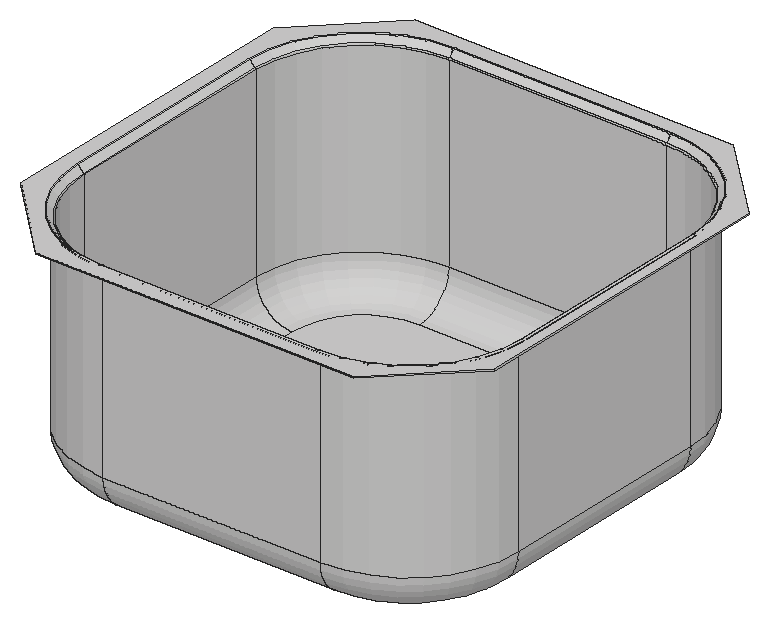
Revit family "Sink-Undermount-Kitchen-KOHLER-Undertone-K-3335_1", category Plumbing Fixtures, host Face, Revit 2017
Family settings
  Host = Face
  Round Connector Dimension = Use Diameter
  Part Type = Normal
  OmniClass Number = 23.31.13.00
  OmniClass Title = Sinks
  Cut with Voids When Loaded = No
  Shared = No
  Room Calculation Point = No
Parameters (values of type "NA-Stainless Steel")
  Width = 19 5/8"  # constant formula
  WaterSense Certified = 1 = 0  # no
  Waste Water Outlet = "Waste Water Outlet"  # constant formula
  Waste Connection = 1 = 1  # yes
  Vent Connection = 1 = 0  # no
  URL = "https://www.us.kohler.com/us/"
  Product Page URL = "http://www.us.kohler.com/us/catalog/productDetails.jsp?productId=3335"
  Product Name = "Undertone"  # constant formula
  Product Documentation Link = "https://www.us.kohler.com/webassets/kpna/catalog/pdf/en/K-3335_spec.pdf"
  Model = "K-3335-NA"  # constant formula
  Material = "Premium 18-Gauge Stainless Steel"  # constant formula
  MasterFormat 2004 = "22.41.16"  # constant formula
  MasterFormat 1995 = "15410"  # constant formula
  Manufacturer Address = "444 Highland Dr, Kohler, WI 53044"  # constant formula
  Manufacturer = "KOHLER Co."  # constant formula
  Length = 19 5/8"  # constant formula
  Hot Water Inlet = "Hot Water Inlet"  # constant formula
  Height = 9 3/4"  # constant formula
  HW Connection = 1 = 0  # no
  Finish = Kohler-Metal-NA-Stainless
  Environmental Product Declaration = ""
  Drain Included = 1 = 0  # no
  Description = "19-5/8 inch x 19-5/8 inch x 9-3/4 inch Undermount single-bowl extra-large kitchen sink sink"  # constant formula
  Default Elevation = 36"
  Declare Label = ""
  Date Modified = "06/01/2020"  # constant formula
  Date Created = "06/01/2020"  # constant formula
  Copyright = "Copyright KOHLER Co."  # constant formula
  Contact Us = "https://www.us.kohler.com/us/static/contact.jsp"
  Cold Water Inlet = "Cold Water Inlet"  # constant formula
  CW Connection = 1 = 0  # no
  Assembly Code = "D2010400"
  ADA Compliant = 1 = 0  # no
Reference planes (in)
  plane 1 "Center (Front/Back)": y = 0
  plane 2: z = 0
  plane 3 "Center (Left/Right)": x = 0
  plane 4: z = -1
  plane 5: z = -10.75
  plane 6: y = 9.8125
  plane 7: y = 3.4375
  plane 8: x = 9.75
  plane 9: x = -9.875
  plane 10: y = -9.8125
  plane 11: x = -9
  plane 12: y = 8.9375
  plane 13: x = 9
  plane 14: y = -8.9375
  plane 15: z = -12.89203
Forms (in)
  Extrusion 1, void
    sketch origin (0, 0, 0) x (1, 0, 0) y (0, 1, 0)
      loop
        line (-9, 4.4375) -> (-9, -4.4375)
        arc (-9, -4.4375) -> (-7.68198, -7.61948) -> (-4.5, -8.9375) r 4.5
        line (-4.5, -8.9375) -> (4.5, -8.9375)
        arc (4.5, -8.9375) -> (7.68198, -7.61948) -> (9, -4.4375) r 4.5
        line (9, -4.4375) -> (9, 4.4375)
        arc (9, 4.4375) -> (7.68198, 7.61948) -> (4.5, 8.9375) r 4.5
        line (4.5, 8.9375) -> (-4.5, 8.9375)
        arc (-4.5, 8.9375) -> (-7.68198, 7.61948) -> (-9, 4.4375) r 4.5
    from 0 to -1.49932
  Extrusion 2, void
    sketch origin (0, 0, 0) x (1, 0, 0) y (0, 1, 0)
      loop
        line (6.50625, 9.8125) -> (-6.63125, 9.8125) -> (-9.875, 6.56875) -> (-9.875, -6.56875) -> (-6.63125, -9.8125) -> (6.50625, -9.8125) -> (9.75, -6.56875) -> (9.75, 6.56875) -> (6.50625, 9.8125)
    from -1 to -13.15086
Dimensions and locks (in)
  host face to plane 4 = 1"
  locked: plane 2 to plane 4 at 1
  "Height": plane 4 to plane 5
  "Length": plane 9 to plane 8
  "Width": plane 6 to plane 10
  plane 9 to plane 3 "Center (Left/Right)" = 9 7/8"
  plane 7 to plane 6 = 6 3/8"
  plane 6 to plane 12 = 7/8"
  aligned and locked: plane 2 to host face
  aligned and locked: level to host face
Automatic sketch dimensions
  host sketch curve to host sketch curve = 96"  (x2)
  Extrusion 1 sketch curve to plane 11 = 0"
  Extrusion 1 sketch curve to plane 12 = 0"
  Extrusion 1 sketch curve to plane 10 = 7/8"
  Extrusion 1 sketch curve to plane 8 = 3/4"
  Extrusion 1 sketch curve to plane 3 "Center (Left/Right)" = 4 1/2"
  plane 1 "Center (Front/Back)" to Extrusion 1 sketch curve = 4 7/16"  (x2)
  Extrusion 1 sketch curve to plane 7 = 1"
  Extrusion 2 sketch curve to plane 9 = 0"
  plane 10 to Extrusion 2 sketch curve = 0"
  Extrusion 2 sketch curve to plane 6 = 0"
  Extrusion 2 sketch curve to plane 8 = 0"
  Extrusion 2 sketch curve to plane 11 = 2.36875"  (x2)
  Extrusion 2 sketch curve to plane 8 = 3.24375"  (x2)
  Extrusion 2 sketch curve to plane 10 = 3.24375"  (x2)
  Extrusion 2 sketch curve to plane 12 = 2.36875"  (x2)
Nested families (in)
  nested 1: "K-3335" at (0, 0, -1), type "K-3335"
Connectors (in)
  piping at (0, 3.4375, -12.80872), diameter 1.5, driven by "Waste Connection", driven by "Waste Water Outlet"
    settings: on nested 1, index 1, connector inside diameter 24", connector length 0", flow factor 0, pipe flow 0 GPM, pressure drop 0.00 psi, fitting loss kfactor 0, connector angle 0.00°, fixture units 0, engagement length 0", angle of deflection 0.00°, flow configuration 0, flow direction 2, fitting loss method 0, system type 16, joint type 0, gender type 0, connector reference index -1, connector utility 1, adjustable connector no, is connector primary yes, connector description "Waste Water Outlet"
Definition of nested family "K-3335"
  Parameters (values of type "K-3335")
    Material = none
  Reference planes (in)
    plane 1 "Center (Front/Back)": y = 0
    plane 2: z = 0
    plane 3 "Center (Left/Right)": x = 0
    plane 4: y = 9.8125
    plane 5: x = -9.875
    plane 6: y = 3.4375
    plane 7: x = -9
    plane 8: z = -9.75
    plane 9: y = -9.8125
    plane 10: y = 8.9375
    plane 11: y = -8.9375
    plane 12: x = 9
    plane 13: x = 9.75
    plane 14: z = -0.04221
    plane 15: z = -11.89203
  Forms (in)
    Extrusion 1, solid, material <- "Material", detail levels medium+fine
      sketch origin (0, 0, 0) x (1, 0, 0) y (0, 1, 0)
        loop
          line (-9.875, 6.56875) -> (-9.875, -6.56875) -> (-6.63125, -9.8125) -> (6.50625, -9.8125) -> (9.75, -6.56875) -> (9.75, 6.56875) -> (6.50625, 9.8125) -> (-6.63125, 9.8125) -> (-9.875, 6.56875)
        loop
          arc (4.5, -9.20941) -> (7.87425, -7.81175) -> (9.27191, -4.4375) r 4.77191
          line (9.27191, -4.4375) -> (9.27191, 4.4375)
          arc (9.27191, 4.4375) -> (7.87425, 7.81175) -> (4.5, 9.20941) r 4.77191
          line (4.5, 9.20941) -> (-4.5, 9.20941)
          arc (-4.5, 9.20941) -> (-7.87425, 7.81175) -> (-9.27191, 4.4375) r 4.77191
          line (-9.27191, 4.4375) -> (-9.27191, -4.4375)
          arc (-9.27191, -4.4375) -> (-7.87425, -7.81175) -> (-4.5, -9.20941) r 4.77191
          line (-4.5, -9.20941) -> (4.5, -9.20941)
      from -0.048 to 0
    Revolve 2, solid, material <- "Material", detail levels medium+fine
      sketch origin (7.56299, 3.4375, 0.85726) x (-1, 0, 0) y (0, 0, 1)
        loop
          line (7.56299, -12.66598) -> (8.31299, -12.66598) -> (8.31299, -12.74929) -> (8.43616, -12.74929)
          arc (8.43616, -12.74929) -> (8.46502, -12.74156) -> (8.48615, -12.72043) r 0.05772
          line (8.48615, -12.72043) -> (8.61394, -12.49909) -> (8.61394, -12.15529) -> (8.49848, -12.15529) -> (8.49848, -11.76939)
          arc (8.49848, -11.76939) -> (8.56564, -11.55551) -> (8.74299, -11.4184) r 0.37417
          line (8.74299, -11.4184) -> (9.00615, -11.32119)
          arc (9.00615, -11.32119) -> (9.11553, -11.23663) -> (9.15695, -11.10472) r 0.23077
          line (9.15695, -11.10472) -> (9.15695, -10.37288) -> (7.56299, -10.37288) -> (7.56299, -12.66598)
        axis (7.56299, -10.37288) -> (7.56299, -12.74929)
      angle from 0 to 360
    Revolve 3, void
      sketch origin (7.56299, 3.4375, 0.35726) x (-1, 0, 0) y (0, 0, 1)
        loop
          line (7.56299, -10.80716) -> (8.58699, -10.80716)
          arc (8.58699, -10.80716) -> (8.81568, -10.71243) -> (8.9104, -10.48374) r 0.32341
          line (8.9104, -10.48374) -> (8.9104, -10.1814)
          arc (8.9104, -10.1814) -> (9.01238, -9.93522) -> (9.25856, -9.83324) r 0.34816
          line (9.25856, -9.83324) -> (7.56299, -9.83324) -> (7.56299, -10.80716)
        axis (7.56299, -9.83324) -> (7.56299, -10.80716)
      angle from 0 to 360
    Revolve 4, solid, detail levels medium+fine
      sketch origin (7.4704, 3.4375, 0.44514) x (-1, 0, 0) y (0, 0, 1)
        loop
          line (7.4704, -10.52781) -> (8.58128, -10.52781)
          arc (8.58128, -10.52781) -> (8.65982, -10.49647) -> (8.69523, -10.41968) r 0.1141
          line (8.69523, -10.41968) -> (8.71186, -10.10232)
          arc (8.71186, -10.10232) -> (8.75557, -9.9789) -> (8.85944, -9.89919) r 0.23051
          line (8.85944, -9.89919) -> (9.42334, -9.68273)
          arc (9.42334, -9.68273) -> (9.43301, -9.66546) -> (9.4178, -9.65281) r 0.01547
          line (9.4178, -9.65281) -> (9.00767, -9.65281)
          arc (9.00767, -9.65281) -> (8.98838, -9.6608) -> (8.98039, -9.68008) r 0.02727
          line (8.98039, -9.68008) -> (8.98039, -9.71245)
          arc (8.98039, -9.71245) -> (8.95271, -9.74013) -> (8.92503, -9.71245) r 0.02768
          line (8.92503, -9.71245) -> (8.92503, -9.68015)
          arc (8.92503, -9.68015) -> (8.91702, -9.66082) -> (8.89768, -9.65281) r 0.02734
          line (8.89768, -9.65281) -> (8.85231, -9.65281)
          arc (8.85231, -9.65281) -> (8.74541, -9.69546) -> (8.69723, -9.79998) r 0.1553
          line (8.69723, -9.79998) -> (8.66535, -10.4082)
          arc (8.66535, -10.4082) -> (8.63601, -10.47184) -> (8.57093, -10.49781) r 0.09456
          line (8.57093, -10.49781) -> (7.7514, -10.49781) -> (7.7514, -10.34649)
          arc (7.7514, -10.34649) -> (7.74007, -10.31914) -> (7.71272, -10.30781) r 0.03868
          line (7.71272, -10.30781) -> (7.61937, -10.30781) -> (7.61937, -10.06281) -> (7.67106, -10.06281) -> (7.67106, -9.9782) -> (7.6284, -9.95281) -> (7.67106, -9.92893) -> (7.67106, -9.84781) -> (7.61503, -9.84781) -> (7.61503, -9.65281) -> (7.73038, -9.65281)
          arc (7.73038, -9.65281) -> (7.77966, -9.61154) -> (7.74769, -9.55578) r 0.05006
          arc (7.74769, -9.55578) -> (7.61123, -9.51878) -> (7.4704, -9.50632) r 0.80192
          line (7.4704, -9.50632) -> (7.4704, -10.52781)
        axis (7.4704, -9.50632) -> (7.4704, -10.52781)
      angle from 0 to 360
    Extrusion 5, void
      sketch origin (-8.06961, 3.35694, 1.05827) x (1, 0, 0) y (0, 1, 0)
        loop
          circle (8.06961, 0.70512) r 0.09525
        loop
          circle (8.06961, 1.03437) r 0.09525
        loop
          circle (8.38189, 0.62144) r 0.09525
        loop
          circle (8.61049, 0.39284) r 0.09525
        loop
          circle (8.69417, 0.08056) r 0.09525
        loop
          circle (8.36435, 0.98768) r 0.09525
        loop
          circle (8.63024, 0.85221) r 0.09525
        loop
          circle (8.84126, 0.64119) r 0.09525
        loop
          circle (8.97674, 0.3753) r 0.09525
        loop
          circle (9.02342, 0.08056) r 0.09525
        loop
          circle (7.75733, 0.62144) r 0.09525
        loop
          circle (7.52873, 0.39284) r 0.09525
        loop
          circle (7.44505, 0.08056) r 0.09525
        loop
          circle (7.77487, 0.98768) r 0.09525
        loop
          circle (7.50898, 0.85221) r 0.09525
        loop
          circle (7.29796, 0.64119) r 0.09525
        loop
          circle (7.16248, 0.3753) r 0.09525
        loop
          circle (7.1158, 0.08056) r 0.09525
        loop
          circle (8.06961, -0.544) r 0.09525
        loop
          circle (8.06961, -0.87325) r 0.09525
        loop
          circle (8.38189, -0.46033) r 0.09525
        loop
          circle (8.61049, -0.23172) r 0.09525
        loop
          circle (8.36435, -0.82657) r 0.09525
        loop
          circle (8.63024, -0.69109) r 0.09525
        loop
          circle (8.84126, -0.48008) r 0.09525
        loop
          circle (8.97674, -0.21419) r 0.09525
        loop
          circle (7.75733, -0.46033) r 0.09525
        loop
          circle (7.52873, -0.23172) r 0.09525
        loop
          circle (7.77487, -0.82657) r 0.09525
        loop
          circle (7.50898, -0.69109) r 0.09525
        loop
          circle (7.29796, -0.48008) r 0.09525
        loop
          circle (7.16248, -0.21419) r 0.09525
      from -11.21338 to -10.97665
    Extrusion 6, solid, material <- "Material", detail levels coarse
      sketch origin (0, 0, 0) x (1, 0, 0) y (0, 1, 0)
        loop
          line (6.50625, 9.8125) -> (-6.63125, 9.8125) -> (-9.875, 6.56875) -> (-9.875, -6.56875) -> (-6.63125, -9.8125) -> (6.50625, -9.8125) -> (9.75, -6.56875) -> (9.75, 6.56875) -> (6.50625, 9.8125)
        loop
          line (4.5, 8.73828) -> (-4.5, 8.73828)
          arc (-4.5, 8.73828) -> (-7.54111, 7.47861) -> (-8.80078, 4.4375) r 4.30078
          line (-8.80078, 4.4375) -> (-8.80078, -4.4375)
          arc (-8.80078, -4.4375) -> (-7.54111, -7.47861) -> (-4.5, -8.73828) r 4.30078
          line (-4.5, -8.73828) -> (4.5, -8.73828)
          arc (4.5, -8.73828) -> (7.54111, -7.47861) -> (8.80078, -4.4375) r 4.30078
          line (8.80078, -4.4375) -> (8.80078, 4.4375)
          arc (8.80078, 4.4375) -> (7.54111, 7.47861) -> (4.5, 8.73828) r 4.30078
      from -0.25828 to 0
    Extrusion 7, solid, material <- "Material", detail levels coarse
      sketch origin (0, 0, 0) x (1, 0, 0) y (0, 1, 0)
        loop
          line (4.5, 8.73828) -> (-4.5, 8.73828)
          arc (-4.5, 8.73828) -> (-7.54111, 7.47861) -> (-8.80078, 4.4375) r 4.30078
          line (-8.80078, 4.4375) -> (-8.80078, -4.4375)
          arc (-8.80078, -4.4375) -> (-7.54111, -7.47861) -> (-4.5, -8.73828) r 4.30078
          line (-4.5, -8.73828) -> (4.5, -8.73828)
          arc (4.5, -8.73828) -> (7.54111, -7.47861) -> (8.80078, -4.4375) r 4.30078
          line (8.80078, -4.4375) -> (8.80078, 4.4375)
          arc (8.80078, 4.4375) -> (7.54111, 7.47861) -> (4.5, 8.73828) r 4.30078
        loop
          line (4.75, 8.9375) -> (-4.5, 8.9375)
          arc (-4.5, 8.9375) -> (-7.68198, 7.61948) -> (-9, 4.4375) r 4.5
          line (-9, 4.4375) -> (-9, -4.9375)
          arc (-9, -4.9375) -> (-7.82843, -7.76593) -> (-5, -8.9375) r 4
          line (-5, -8.9375) -> (4.5, -8.9375)
          arc (4.5, -8.9375) -> (7.68198, -7.61948) -> (9, -4.4375) r 4.5
          line (9, -4.4375) -> (9, 4.6875)
          arc (9, 4.6875) -> (7.7552, 7.6927) -> (4.75, 8.9375) r 4.25
      from -0.25828 to -9.42767
    Extrusion 8, solid, material <- "Material", detail levels coarse
      sketch origin (0, 0, 0) x (1, 0, 0) y (0, 1, 0)
        loop
          arc (-4.5, 8.9375) -> (-7.68198, 7.61948) -> (-9, 4.4375) r 4.5
          line (-9, 4.4375) -> (-9, -4.9375)
          arc (-9, -4.9375) -> (-7.82843, -7.76593) -> (-5, -8.9375) r 4
          line (-5, -8.9375) -> (4.5, -8.9375)
          arc (4.5, -8.9375) -> (7.68198, -7.61948) -> (9, -4.4375) r 4.5
          line (9, -4.4375) -> (9, 4.6875)
          arc (9, 4.6875) -> (7.7552, 7.6927) -> (4.75, 8.9375) r 4.25
          line (4.75, 8.9375) -> (-4.5, 8.9375)
      from -9.51563 to -9.42767
    Sweep 9, solid, material <- "Material", detail levels medium+fine
      path origin (0, 0, 0) x (1, 0, 0) y (0, 1, 0)
        loop
          arc (-4.5, 8.9375) -> (-7.68198, 7.61948) -> (-9, 4.4375) r 4.5
          line (-9, 4.4375) -> (-9, -4.4375)
          arc (-9, -4.4375) -> (-7.68198, -7.61948) -> (-4.5, -8.9375) r 4.5
          line (-4.5, -8.9375) -> (4.5, -8.9375)
          arc (4.5, -8.9375) -> (7.68198, -7.61948) -> (9, -4.4375) r 4.5
          line (9, -4.4375) -> (9, 4.4375)
          arc (9, 4.4375) -> (7.68198, 7.61948) -> (4.5, 8.9375) r 4.5
          line (4.5, 8.9375) -> (-4.5, 8.9375)
      profile origin (0, 8.9375, 0) x (0, 1, 0) y (0, 0, 1)
        loop
          line (-0.06572, -0.3079) -> (-0.06572, -7.97598)
          arc (-0.06572, -7.97598) -> (-0.50506, -9.03664) -> (-1.56572, -9.47598) r 1.5
          line (-1.56572, -9.47598) -> (-1.72709, -9.47598) -> (-1.72709, -9.54198) -> (-1.52895, -9.54198)
          arc (-1.52895, -9.54198) -> (-0.4069, -9.07721) -> (0.05788, -7.95515) r 1.58683
          line (0.05788, -7.95515) -> (0.05788, -0.29624)
          arc (0.05788, -0.29624) -> (0.06416, -0.26463) -> (0.08206, -0.23784) r 0.08258
          line (0.08206, -0.23784) -> (0.31991, 0) -> (0.2254, 0)
          arc (0.2254, 0) -> (0.20661, -0.00374) -> (0.19069, -0.01438) r 0.04909
          line (0.19069, -0.01438) -> (-0.03948, -0.24454)
          arc (-0.03948, -0.24454) -> (-0.0589, -0.27361) -> (-0.06572, -0.3079) r 0.0896
    Extrusion 10, solid, material <- "Material", detail levels medium+fine
      sketch origin (0, 0, 0) x (1, 0, 0) y (0, 1, 0)
        loop
          arc (-4.5, 7.21041) -> (-6.46074, 6.39824) -> (-7.27291, 4.4375) r 2.77291
          line (-7.27291, 4.4375) -> (-7.27291, -4.4375)
          arc (-7.27291, -4.4375) -> (-6.46074, -6.39824) -> (-4.5, -7.21041) r 2.77291
          line (-4.5, -7.21041) -> (4.5, -7.21041)
          arc (4.5, -7.21041) -> (6.46074, -6.39824) -> (7.27291, -4.4375) r 2.77291
          line (7.27291, -4.4375) -> (7.27291, 4.4375)
          arc (7.27291, 4.4375) -> (6.46074, 6.39824) -> (4.5, 7.21041) r 2.77291
          line (4.5, 7.21041) -> (-4.5, 7.21041)
      from -9.54198 to -9.47598
    Revolve 11, solid, material <- "Material", detail levels coarse
      sketch origin (0, 3.4375, 0) x (1, 0, 0) y (0, 0, 1)
        loop
          line (0, -11.87777) -> (0, -9.50218) -> (-1.59323, -9.50218) -> (-1.59323, -11.87777) -> (0, -11.87777)
        axis (0, -11.87777) -> (0, -9.50218)
      angle from 0 to 360
  Cuts and joins
    Extrusion 5 cuts Revolve 4
    joined: Extrusion 6, Extrusion 7, Extrusion 8, Revolve 11
    Revolve 3 cuts Revolve 2
    Revolve 3 cuts Sweep 9
    Revolve 3 cuts Extrusion 10
    joined: Extrusion 1, Revolve 2, Sweep 9, Extrusion 10
  Lines and regions (in)
    Masking region 1
      outline origin (0, 0, 0) x (1, 0, 0) y (0, 1, 0)
        loop
          line (-6.63125, 9.8125) -> (-9.875, 6.56875) -> (-9.875, -6.56875) -> (-6.63125, -9.8125) -> (6.50625, -9.8125) -> (9.75, -6.56875) -> (9.75, 6.56875) -> (6.50625, 9.8125) -> (-6.63125, 9.8125)
    Masking region 2
      outline origin (0, 0, 0) x (1, 0, 0) y (0, 0, 1)
        loop
          line (-9.875, 0) -> (-9.875, -0.04221) -> (-9.21608, -0.04221) -> (-9, -0.25828) -> (-9, -8.20912)
          arc (-9, -8.20912) -> (-8.63683, -9.09005) -> (-7.75834, -9.45909) r 1.25
          line (-7.75834, -9.45909) -> (-1.95401, -9.49779) -> (-1.59396, -9.75) -> (-1.59396, -10.24193)
          arc (-1.59396, -10.24193) -> (-1.55138, -10.37797) -> (-1.43883, -10.46547) r 0.23863
          line (-1.43883, -10.46547) -> (-1.17695, -10.56328)
          arc (-1.17695, -10.56328) -> (-1.00177, -10.69947) -> (-0.93549, -10.91123) r 0.37143
          line (-0.93549, -10.91123) -> (-0.93549, -11.29803) -> (-1.05095, -11.29803) -> (-1.05095, -11.64183) -> (-0.92279, -11.86381)
          arc (-0.92279, -11.86381) -> (-0.90213, -11.88447) -> (-0.87391, -11.89203) r 0.05644
          line (-0.87391, -11.89203) -> (0, -11.89203) -> (0.87391, -11.89203)
          arc (0.87391, -11.89203) -> (0.90213, -11.88447) -> (0.92279, -11.86381) r 0.05644
          line (0.92279, -11.86381) -> (1.05095, -11.64183) -> (1.05095, -11.29803) -> (0.93549, -11.29803) -> (0.93549, -10.91123)
          arc (0.93549, -10.91123) -> (1.00177, -10.69947) -> (1.17695, -10.56328) r 0.37143
          line (1.17695, -10.56328) -> (1.43883, -10.46547)
          arc (1.43883, -10.46547) -> (1.55138, -10.37797) -> (1.59396, -10.24193) r 0.23863
          line (1.59396, -10.24193) -> (1.59396, -9.75) -> (1.95381, -9.49793) -> (7.75836, -9.45909)
          arc (7.75836, -9.45909) -> (8.63684, -9.09004) -> (9, -8.20912) r 1.25
          line (9, -8.20912) -> (9, -0.25828) -> (9.21608, -0.04221) -> (9.875, -0.04221) -> (9.875, 0) -> (-9.875, 0)
    Masking region 3
      outline origin (0, 0, 0) x (0, 1, 0) y (0, 0, 1)
        loop
          line (9.8125, 0) -> (-9.8125, 0) -> (-9.8125, -0.04221) -> (-9.1924, -0.04221) -> (-8.9375, -0.29711) -> (-8.9375, -8.09299)
          arc (-8.9375, -8.09299) -> (-8.51731, -9.10741) -> (-7.50288, -9.5276) r 1.43462
          line (-7.50288, -9.5276) -> (1.74856, -9.59455) -> (1.84878, -9.76813) -> (1.84878, -10.24959)
          arc (1.84878, -10.24959) -> (1.89042, -10.38278) -> (2.00051, -10.46853) r 0.23383
          line (2.00051, -10.46853) -> (2.27131, -10.57006)
          arc (2.27131, -10.57006) -> (2.44249, -10.7034) -> (2.50724, -10.91049) r 0.36357
          line (2.50724, -10.91049) -> (2.50724, -11.3022) -> (2.39179, -11.3022) -> (2.39179, -11.646) -> (2.51691, -11.86272)
          arc (2.51691, -11.86272) -> (2.53837, -11.88418) -> (2.56768, -11.89203) r 0.05862
          line (2.56768, -11.89203) -> (3.44273, -11.89203) -> (4.31779, -11.89203)
          arc (4.31779, -11.89203) -> (4.3471, -11.88418) -> (4.36855, -11.86272) r 0.05862
          line (4.36855, -11.86272) -> (4.49368, -11.646) -> (4.49368, -11.3022) -> (4.37822, -11.3022) -> (4.37822, -10.91049)
          arc (4.37822, -10.91049) -> (4.44297, -10.7034) -> (4.61415, -10.57006) r 0.36357
          line (4.61415, -10.57006) -> (4.88495, -10.46853)
          arc (4.88495, -10.46853) -> (4.99505, -10.38278) -> (5.03669, -10.24959) r 0.23383
          line (5.03669, -10.24959) -> (5.03669, -9.75) -> (5.12644, -9.59455) -> (7.50288, -9.5276)
          arc (7.50288, -9.5276) -> (8.51731, -9.10741) -> (8.9375, -8.09299) r 1.43462
          line (8.9375, -8.09299) -> (8.9375, -0.29711) -> (9.1924, -0.04221) -> (9.8125, -0.04221) -> (9.8125, 0)
    symbolic lines
      curve 1: circle (0, 3.4375, 0) r 1.90745 normal (0, 0, 1)
      curve 42: line (4.5, 8.9375, 0) -> (-4.5, 8.9375, 0)
      curve 43: line (-9, 4.4375, 0) -> (-9, -4.4375, 0)
      curve 44: line (4.5, -8.9375, 0) -> (-4.5, -8.9375, 0)
      curve 45: line (9, 4.4375, 0) -> (9, -4.4375, 0)
      curve 46: arc (4.5, 8.9375, 0) -> (7.68198, 7.61948, 0) -> (9, 4.4375, 0) r 4.5
      curve 47: arc (-9, 4.4375, 0) -> (-7.68198, 7.61948, 0) -> (-4.5, 8.9375, 0) r 4.5
      curve 48: arc (-4.5, -8.9375, 0) -> (-7.68198, -7.61948, 0) -> (-9, -4.4375, 0) r 4.5
      curve 49: arc (4.5, -8.9375, 0) -> (7.68198, -7.61948, 0) -> (9, -4.4375, 0) r 4.5
    symbolic lines, detail levels medium+fine
      curve 2: circle (0, 4.06206, 0) r 0.09525 normal (0, 0, 1)
      curve 3: circle (0, 4.39131, 0) r 0.09525 normal (0, 0, 1)
      curve 4: circle (0.31228, 3.97838, 0) r 0.09525 normal (0, 0, 1)
      curve 5: circle (0.54088, 3.74978, 0) r 0.09525 normal (0, 0, 1)
      curve 6: circle (0.62456, 3.4375, 0) r 0.09525 normal (0, 0, 1)
      curve 7: circle (0.29474, 4.34463, 0) r 0.09525 normal (0, 0, 1)
      curve 8: circle (0.56063, 4.20915, 0) r 0.09525 normal (0, 0, 1)
      curve 9: circle (0.77165, 3.99813, 0) r 0.09525 normal (0, 0, 1)
      curve 10: circle (0.90713, 3.73224, 0) r 0.09525 normal (0, 0, 1)
      curve 11: circle (0.95381, 3.4375, 0) r 0.09525 normal (0, 0, 1)
      curve 12: circle (-0.31228, 3.97838, 0) r 0.09525 normal (0, 0, -1)
      curve 13: circle (-0.54088, 3.74978, 0) r 0.09525 normal (0, 0, -1)
      curve 14: circle (-0.62456, 3.4375, 0) r 0.09525 normal (0, 0, -1)
      curve 15: circle (-0.29474, 4.34463, 0) r 0.09525 normal (0, 0, -1)
      curve 16: circle (-0.56063, 4.20915, 0) r 0.09525 normal (0, 0, -1)
      curve 17: circle (-0.77165, 3.99813, 0) r 0.09525 normal (0, 0, -1)
      curve 18: circle (-0.90713, 3.73224, 0) r 0.09525 normal (0, 0, -1)
      curve 19: circle (-0.95381, 3.4375, 0) r 0.09525 normal (0, 0, -1)
      curve 20: circle (0, 2.81294, 0) r 0.09525 normal (0, 0, -1)
      curve 21: circle (0, 2.48369, 0) r 0.09525 normal (0, 0, -1)
      curve 22: circle (0.31228, 2.89662, 0) r 0.09525 normal (0, 0, -1)
      curve 23: circle (0.54088, 3.12522, 0) r 0.09525 normal (0, 0, -1)
      curve 24: circle (0.29474, 2.53037, 0) r 0.09525 normal (0, 0, -1)
      curve 25: circle (0.56063, 2.66585, 0) r 0.09525 normal (0, 0, -1)
      curve 26: circle (0.77165, 2.87687, 0) r 0.09525 normal (0, 0, -1)
      curve 27: circle (0.90713, 3.14276, 0) r 0.09525 normal (0, 0, -1)
      curve 28: circle (-0.31228, 2.89662, 0) r 0.09525 normal (0, 0, 1)
      curve 29: circle (-0.54088, 3.12522, 0) r 0.09525 normal (0, 0, 1)
      curve 30: circle (-0.29474, 2.53037, 0) r 0.09525 normal (0, 0, 1)
      curve 31: circle (-0.56063, 2.66585, 0) r 0.09525 normal (0, 0, 1)
      curve 32: circle (-0.77165, 2.87687, 0) r 0.09525 normal (0, 0, 1)
      curve 33: circle (-0.90713, 3.14276, 0) r 0.09525 normal (0, 0, 1)
      curve 34: line (-9, 0, -0.25828) -> (9, 0, -0.25828)
      curve 35: line (-1.95485, 0, -9.49793) -> (1.95381, 0, -9.49793)
      curve 36: line (0, 1.74856, -9.59455) -> (0, 5.12644, -9.59455)
      curve 37: line (0, 5.03669, -9.75) -> (0, 1.86137, -9.75)
      curve 38: line (0, 4.37822, -11.3022) -> (0, 2.50724, -11.3022)
      curve 39: line (0, -8.9375, -0.29711) -> (0, 8.9375, -0.29711)
      curve 40: circle (0, 3.4375, 0) r 1.5 normal (0, 0, 1)
      curve 41: circle (0, 3.4375, 0) r 1.59343 normal (0, 0, 1)
      curve 50: line (0, -9.1924, -0.04221) -> (0, 9.1924, -0.04221)
      curve 51: line (-1.59396, 0, -9.75) -> (1.59396, 0, -9.75)
      curve 52: line (-0.93549, 0, -11.29803) -> (0.93549, 0, -11.29803)
      curve 53: line (-9.21608, 0, -0.04221) -> (9.21608, 0, -0.04221)
      curve 54: line (-1.05095, 0, -11.64183) -> (1.05095, 0, -11.64183)
      curve 55: line (0, 4.49368, -11.646) -> (0, 2.39179, -11.646)
  Dimensions and locks (in)
    plane 6 to plane 4 = 6 3/8"
    plane 5 to plane 13 = 19 5/8"
    level to plane 8 = 9 3/4"
    plane 4 to plane 9 = 19 5/8"
    plane 10 to plane 4 = 7/8"
    plane 5 to plane 7 = 7/8"
    plane 5 to plane 3 "Center (Left/Right)" = 9 7/8"
    plane 8 to level = 9 3/4"
    aligned and locked: plane 2 to level
